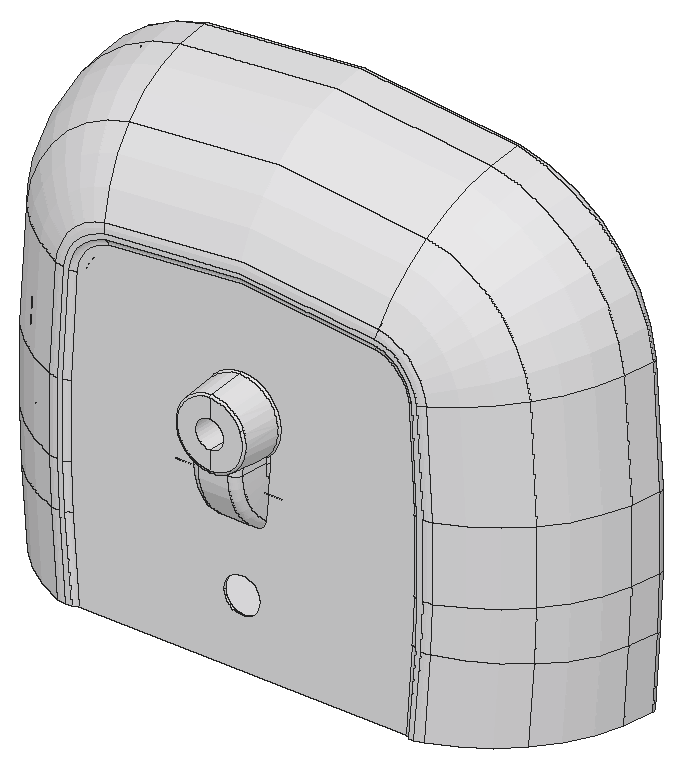
Revit family "Sink-Wall_Mount-Lavatory-KOHLER-REACH-18564W", category Plumbing Fixtures, host Face, Revit 2017
Family settings
  Host = Face
  Round Connector Dimension = Use Diameter
  Part Type = Normal
  OmniClass Number = 23.31.13.00
  Cut with Voids When Loaded = No
  Shared = No
  Room Calculation Point = No
Parameters (values of type "0-White")
  Width = 22 133/256"  # constant formula
  WaterSense Certified = 1 = 0  # no
  Waste Water Outlet = "Waste Water Outlet"  # constant formula
  Waste Connection = 1 = 1  # yes
  Vent Connection = 1 = 0  # no
  URL = "https://www.kohler.co.uk/"
  Type = 1
  Product Page URL = ""
  Product Name = "REACH"  # constant formula
  Product Documentation Link = ""
  Model = "18564W-0"  # constant formula
  Material = "Vitreous china"  # constant formula
  Master Format 2014 Name = "Residential Lavatories and Sinks"  # constant formula
  Master Format 2014 = "22 41 16"  # constant formula
  Manufacturer Address = "Cromwell Road, Cheltenham, Gloucestershire. GL52 5EP Registered in England No. 252115\r\n"  # constant formula
  Manufacturer = "KOHLER Co."  # constant formula
  Length = 17 233/256"  # constant formula
  Hot Water Inlet = "Hot Water Inlet"  # constant formula
  Height = 7 51/128"  # constant formula
  HW Connection = 1 = 0  # no
  Finish = Kohler-Vitreous_China-0-White
  Environmental Product Declaration = ""
  Drain Included = 1 = 0  # no
  Description = "WALL HUNG LAVATORY, 1 HOLE"  # constant formula
  Default Elevation = 36"
  Declare Label = ""
  Date Modified = "07/20/2021"  # constant formula
  Date Created = "07/20/2021"  # constant formula
  Copyright = "Copyright KOHLER Co."  # constant formula
  Contact Us = "https://www.kohler.co.uk/support/contact/"
  Cold Water Inlet = "Cold Water Inlet"  # constant formula
  CW Connection = 1 = 0  # no
  Assembly Code = "D2010400"
  ADA Compliant = 1 = 0  # no
Reference planes
  plane 1 "Center (Front/Back)": y = 0
  plane 2: z = 0
  plane 3 "Center (Left/Right)": x = 0
  plane 4: z = 454.918
  plane 5: z = 220
  plane 6: z = 122
  plane 7: z = 64.77
  plane 8: x = 286
  plane 9: x = 279
  plane 10: x = 212.5
  plane 11: x = -285.996
  plane 12: x = -279
  plane 13: x = -212.5
  plane 14: y = -187.92
  plane 15: y = -152.34
Dimensions and locks
  "Width": plane 11 to plane 8
  "Height": plane 1 "Center (Front/Back)" to plane 14
  "Length": plane 4 to level
  plane 1 "Center (Front/Back)" to plane 15 = 5.99764"
  plane 1 "Center (Front/Back)" to plane 14 = 7 51/128"
  plane 8 to plane 11 = 22 133/256"
  plane 9 to plane 12 = 21.9685"
  plane 10 to plane 13 = 16.73228"
  level to plane 5 = 8.66142"
  level to plane 7 = 2.55"
  aligned and locked: plane 2 to host face
  aligned and locked: level to host face
Automatic sketch dimensions
  host sketch curve to host sketch curve = 96"  (x2)
Nested families
  nested 1: "18564W" at (0, 0, 0), type "18564W"
Connectors
  piping at (0, -187.96, 220), diameter 38.1, driven by "Waste Connection", driven by "Waste Water Outlet"
    settings: on nested 1, index 1, connector inside diameter 24", connector length 0", flow factor 0, pipe flow 0 GPM, pressure drop 0.00 psi, fitting loss kfactor 0, connector angle 0.00°, fixture units 0, engagement length 0", angle of deflection 0.00°, flow configuration 0, flow direction 2, fitting loss method 0, system type 16, joint type 0, gender type 0, connector reference index -1, connector utility 1, adjustable connector no, is connector primary yes, connector description "Waste Water Outlet"
Definition of nested family "18564W"
  Parameters (values of type "18564W")
    Material = none
  Reference planes
    plane 1 "Center (Front/Back)": y = 0
    plane 2: z = 0
    plane 3 "Center (Left/Right)": x = 0
    plane 4: x = 286
    plane 5: x = -286
    plane 6: z = 220
    plane 7: z = 122
    plane 8: z = 443
    plane 9: x = 279
    plane 10: x = 212.5
    plane 11: x = -279
    plane 12: x = -212.5
    plane 13: y = -187.96
    plane 14: z = 454.914
    plane 15: z = 64.77
    plane 16: y = -152.34
  Forms (mm)
    Extrusion 1, solid, material <- "Material", detail levels medium+fine
      sketch origin (0, 0, 0) x (0, 1, 0) y (0, 0, 1)
        loop
          arc (-142.423, 241.709) -> (-140.941, 262.366) -> (-136.525, 282.601) r 144.699
          arc (-136.525, 282.601) -> (-132.329, 295.845) -> (-127.598, 308.908) r 341.786
          arc (-127.598, 308.908) -> (-73.543, 391.487) -> (9.676, 444.552) r 234.77
          line (9.676, 444.552) -> (9.676, 453.356)
          arc (9.676, 453.356) -> (-76.146, 398.03) -> (-131.929, 312.504) r 244.77
          arc (-131.929, 312.504) -> (-136.798, 299.059) -> (-141.117, 285.427) r 351.786
          arc (-141.117, 285.427) -> (-145.839, 263.794) -> (-147.423, 241.709) r 154.699
          line (-147.423, 241.709) -> (-147.423, 181.797)
          arc (-147.423, 181.797) -> (-136.895, 152.872) -> (-110.237, 137.481) r 45
          line (-110.237, 137.481) -> (9.676, 116.337) -> (9.676, 126.491) -> (-109.558, 147.516)
          arc (-109.558, 147.516) -> (-133.119, 161.118) -> (-142.423, 186.682) r 39.771
          line (-142.423, 186.682) -> (-142.423, 241.709)
      from -259.478 to 255.438
    Extrusion 2, solid, material <- "Material", detail levels medium+fine
      sketch origin (0, 0, 0) x (1, 0, 0) y (0, 1, 0)
        loop
          arc (-219.563, 9.676) -> (-147.327, -89.386) -> (-39.332, -147.423) r 276.198
          line (-39.332, -147.423) -> (39.332, -147.423)
          arc (39.332, -147.423) -> (147.327, -89.386) -> (219.563, 9.676) r 276.198
          line (219.563, 9.676) -> (214.111, 9.676)
          arc (214.111, 9.676) -> (143.483, -86.103) -> (38.651, -142.423) r 271.198
          line (38.651, -142.423) -> (-38.651, -142.423)
          arc (-38.651, -142.423) -> (-143.483, -86.103) -> (-214.111, 9.676) r 271.198
          line (-214.111, 9.676) -> (-219.563, 9.676)
      from 91.037 to 481.628
    Revolve 3, void
      sketch origin (0, 0, 0) x (0, 1, 0) y (0, 0, 1)
        loop
          line (-199.384, 220) -> (-134.668, 220) -> (-134.668, 240.811) -> (-137.423, 240.811) -> (-137.423, 239.507)
          arc (-137.423, 239.507) -> (-139.212, 235.188) -> (-143.532, 233.399) r 6.108
          line (-143.532, 233.399) -> (-199.384, 233.399) -> (-199.384, 220)
        axis (-199.384, 220) -> (-134.668, 220)
      angle from 0 to 360
    Revolve 4, solid, detail levels medium+fine
      sketch origin (0, 3.125, 0) x (0, 1, 0) y (0, 0, 1)
        loop
          line (-157.867, 220) -> (-137.815, 220)
          arc (-137.815, 220) -> (-139.238, 236.005) -> (-143.463, 251.508) r 90.715
          arc (-143.463, 251.508) -> (-144.412, 251.95) -> (-144.863, 251.004) r 0.744
          arc (-144.863, 251.004) -> (-142.874, 244.831) -> (-141.188, 238.567) r 132.868
          arc (-141.188, 238.567) -> (-141.496, 237.151) -> (-142.799, 236.518) r 1.658
          line (-142.799, 236.518) -> (-150.867, 236.518) -> (-150.867, 238.5) -> (-152.467, 238.5) -> (-152.467, 236.518) -> (-156.667, 236.518) -> (-156.667, 238.5) -> (-157.867, 238.5) -> (-157.867, 220)
        axis (-157.867, 220) -> (-137.815, 220)
      angle from 0 to 360
    Sweep 5, solid, material <- "Material", detail levels medium+fine
      path origin (0, 0, 0) x (1, 0, 0) y (0, 0, 1)
        loop
          line (212.5, 167) -> (212.5, 363.681)
          arc (212.5, 363.681) -> (198.005, 404.243) -> (161.086, 426.431) r 64
          arc (161.086, 426.431) -> (0, 442.427) -> (-161.086, 426.431) r 819.107
          arc (-161.086, 426.431) -> (-198.005, 404.243) -> (-212.5, 363.681) r 64
          line (-212.5, 363.681) -> (-212.5, 167)
          arc (-212.5, 167) -> (-199.32, 135.18) -> (-167.5, 122) r 45
          line (-167.5, 122) -> (167.5, 122)
          arc (167.5, 122) -> (199.32, 135.18) -> (212.5, 167) r 45
      profile origin (0, 0, 442.427) x (0, 0, -1) y (0, -1, 0)
        loop
          line (6.7, 2.932) -> (10.724, 9.901) -> (7.412, 9.901) -> (4.777, 5.336)
          arc (4.777, 5.336) -> (2.731, 3.291) -> (-0.064, 2.542) r 5.589
          line (-0.064, 2.542) -> (-2.344, 2.542) -> (-2.344, 0) -> (1.622, 0)
          arc (1.622, 0) -> (4.554, 0.786) -> (6.7, 2.932) r 5.865
    Sweep 6, solid, material <- "Material", detail levels medium+fine
      path origin (0, 0, 0) x (1, 0, 0) y (0, 0, 1)
        loop
          line (274.323, -54.626) -> (283.987, 70)
          arc (283.987, 70) -> (285.497, 95.981) -> (286, 122) r 672.59
          line (286, 122) -> (286, 192)
          arc (286, 192) -> (284.439, 246.705) -> (279.762, 301.232) r 959.446
          arc (279.762, 301.232) -> (237.682, 392.283) -> (149.667, 440.391) r 160
          arc (149.667, 440.391) -> (-0.009, 454) -> (-149.684, 440.376) r 829.441
          arc (-149.684, 440.376) -> (-237.689, 392.264) -> (-279.763, 301.218) r 160
          arc (-279.763, 301.218) -> (-284.44, 246.698) -> (-286, 192) r 959.446
          line (-286, 192) -> (-286, 122)
          arc (-286, 122) -> (-285.497, 95.981) -> (-283.987, 70) r 672.59
          line (-283.987, 70) -> (-274.323, -54.626)
      profile origin (-0.009, 0, 454) x (0.000048, 0, -1) y (0, -1, 0)
        loop
          arc (3.072, 36.381) -> (0.569, 21.635) -> (-0.894, 6.749) r 213.214
          arc (-0.894, 6.749) -> (0.814, 2.003) -> (5.443, 0) r 6.35
          line (5.443, 0) -> (8.002, 0) -> (8.002, 5.533)
          arc (8.002, 5.533) -> (17.221, 56.456) -> (44.16, 100.643) r 141.283
          arc (44.16, 100.643) -> (72.225, 125.219) -> (105.325, 142.423) r 155.901
          line (105.325, 142.423) -> (128.862, 142.423) -> (128.862, 149.252) -> (121.335, 149.252)
          arc (121.335, 149.252) -> (118.44, 149.948) -> (116.178, 151.884) r 6.368
          line (116.178, 151.884) -> (111.185, 151.884)
          arc (111.185, 151.884) -> (106.676, 151.467) -> (102.32, 150.23) r 24.583
          arc (102.32, 150.23) -> (67.651, 131.895) -> (38.207, 105.988) r 167.196
          arc (38.207, 105.988) -> (16.015, 73.519) -> (3.072, 36.381) r 149.283
    Extrusion 7, solid, material <- "Material", detail levels medium+fine
      sketch origin (0, 0, 0) x (1, 0, 0) y (0, 0, 1)
        loop
          arc (276.009, 70.619) -> (277.501, 96.29) -> (277.998, 122) r 664.588
          line (277.998, 122) -> (277.998, 192)
          arc (277.998, 192) -> (276.451, 246.249) -> (271.812, 300.321) r 951.445
          arc (271.812, 300.321) -> (231.836, 386.818) -> (148.223, 432.52) r 151.998
          arc (148.223, 432.52) -> (-0.009, 445.998) -> (-148.239, 432.506) r 821.439
          arc (-148.239, 432.506) -> (-231.844, 386.8) -> (-271.814, 300.307) r 151.998
          arc (-271.814, 300.307) -> (-276.451, 246.242) -> (-277.998, 192) r 951.445
          line (-277.998, 192) -> (-277.998, 122)
          arc (-277.998, 122) -> (-277.501, 96.29) -> (-276.009, 70.619) r 664.588
          line (-276.009, 70.619) -> (-269.824, -9.142) -> (269.824, -9.142) -> (276.009, 70.619)
        loop
          arc (212.844, 363.681) -> (198.271, 404.46) -> (161.154, 426.768) r 64.344
          arc (161.154, 426.768) -> (0, 442.771) -> (-161.154, 426.768) r 819.45
          arc (-161.154, 426.768) -> (-198.271, 404.46) -> (-212.844, 363.681) r 64.344
          line (-212.844, 363.681) -> (-212.844, 167)
          arc (-212.844, 167) -> (-199.563, 134.937) -> (-167.5, 121.656) r 45.344
          line (-167.5, 121.656) -> (167.5, 121.656)
          arc (167.5, 121.656) -> (199.563, 134.937) -> (212.844, 167) r 45.344
          line (212.844, 167) -> (212.844, 363.681)
      from 0 to 5.533
    Sweep 8, void
      path origin (0, 0, 0) x (1, 0, 0) y (0, 0, 1)
        loop
          line (277.802, -9.761) -> (283.987, 70)
          arc (283.987, 70) -> (285.497, 95.981) -> (286, 122) r 672.59
          line (286, 122) -> (286, 192)
          arc (286, 192) -> (284.439, 246.705) -> (279.762, 301.232) r 959.446
          arc (279.762, 301.232) -> (237.682, 392.283) -> (149.667, 440.391) r 160
          arc (149.667, 440.391) -> (-0.009, 454) -> (-149.684, 440.376) r 829.441
          arc (-149.684, 440.376) -> (-237.689, 392.264) -> (-279.763, 301.218) r 160
          arc (-279.763, 301.218) -> (-284.44, 246.698) -> (-286, 192) r 959.446
          line (-286, 192) -> (-286, 122)
          arc (-286, 122) -> (-285.497, 95.981) -> (-283.987, 70) r 672.59
          line (-283.987, 70) -> (-277.802, -9.761)
      profile origin (-0.009, 0, 454) x (0.000048, 0, -1) y (0, -1, 0)
        loop
          arc (6.125, 5.149) -> (47.893, 108.327) -> (148.36, 156.251) r 153.701
          line (148.36, 156.251) -> (148.36, 172.906) -> (-65.125, 172.906) -> (-65.125, -12.094) -> (6.125, -12.094) -> (6.125, 5.149)
    Extrusion 9, void
      sketch origin (0, 0, 0) x (0, 1, 0) y (0, 0, 1)
        loop
          line (-5.149, 79.438) -> (13.923, 79.438) -> (13.923, 449.438) -> (-5.149, 449.438) -> (-5.149, 79.438)
      from -314.871 to 349.22
    Revolve 10, solid, material <- "Material", detail levels medium+fine
      sketch origin (0, 0, 0) x (0, 1, 0) y (0, 0, 1)
        loop
          line (-187.96, 220) -> (-149.967, 220) -> (-149.967, 257.216)
          arc (-149.967, 257.216) -> (-151.122, 256.577) -> (-152.408, 256.28) r 4.748
          line (-152.408, 256.28) -> (-186.17, 253.327)
          arc (-186.17, 253.327) -> (-187.445, 252.698) -> (-187.96, 251.373) r 1.961
          line (-187.96, 251.373) -> (-187.96, 220)
        axis (-187.96, 220) -> (-149.967, 220)
      angle from 0 to 360
    Extrusion 11, solid, material <- "Material", detail levels medium+fine
      sketch origin (0, 0, 0) x (1, 0, 0) y (0, 0, 1)
        loop
          line (-146.921, -43.74) -> (146.921, -43.74) -> (156.508, 79.885)
          arc (156.508, 79.885) -> (157.73, 100.927) -> (158.138, 122) r 544.728
          line (158.138, 122) -> (158.138, 192)
          arc (158.138, 192) -> (156.785, 239.415) -> (152.731, 286.675) r 831.585
          arc (152.731, 286.675) -> (144.279, 304.964) -> (126.6, 314.627) r 32.138
          arc (126.6, 314.627) -> (-0.003, 326.138) -> (-126.604, 314.615) r 701.579
          arc (-126.604, 314.615) -> (-144.281, 304.951) -> (-152.733, 286.663) r 32.138
          arc (-152.733, 286.663) -> (-156.786, 239.408) -> (-158.138, 192) r 831.585
          line (-158.138, 192) -> (-158.138, 122)
          arc (-158.138, 122) -> (-157.73, 100.927) -> (-156.508, 79.885) r 544.728
          line (-156.508, 79.885) -> (-146.921, -43.74)
      from 147.423 to 149.252
    Extrusion 12, void
      sketch origin (0, 0, 0) x (1, 0, 0) y (0, 0, 1)
        loop
          line (325.989, 0) -> (-354.011, 0) -> (-354.011, -100) -> (325.989, -100) -> (325.989, 0)
      from -33.578 to 250
    Extrusion 13, void
      sketch origin (0, 0, 0) x (1, 0, 0) y (0, 0, 1)
        loop
          circle (0, 64.77) r 17.5
      from -101.431 to 222.992
    Sweep 14, solid, material <- "Material", detail levels medium+fine
      path origin (0, 0, 0) x (0, 1, 0) y (0, 0, 1)
        loop
          arc (-147.423, 127.348) -> (-174.412, 152.444) -> (-184.38, 187.924) r 68.123
          line (-184.38, 187.924) -> (-184.38, 205.345)
      profile origin (0, -184.38, 196.634) x (0, -1, 0) y (1, 0, 0)
        loop
          arc (0, 14.138) -> (-2.22, 19.92) -> (-7.739, 22.732) r 8.642
          line (-7.739, 22.732) -> (-31.845, 25.266)
          arc (-31.845, 25.266) -> (-33.452, 25.656) -> (-34.899, 26.454) r 6.228
          line (-34.899, 26.454) -> (-34.899, -26.454)
          arc (-34.899, -26.454) -> (-33.452, -25.656) -> (-31.845, -25.266) r 6.228
          line (-31.845, -25.266) -> (-7.739, -22.732)
          arc (-7.739, -22.732) -> (-2.22, -19.92) -> (0, -14.138) r 8.642
          line (0, -14.138) -> (0, 14.138)
    Revolve 15, void
      sketch origin (0, 0, 0.312) x (0, 1, 0) y (0, 0, 1)
        loop
          line (-37.05, 130.357) -> (-36.026, 136.164) -> (-50.71, 138.753) -> (-51.04, 136.885) -> (-48.252, 136.393)
          arc (-48.252, 136.393) -> (-47.641, 136.004) -> (-47.484, 135.295) r 0.948
          line (-47.484, 135.295) -> (-47.664, 134.275)
          arc (-47.664, 134.275) -> (-47.33, 132.769) -> (-46.029, 131.94) r 2.015
          line (-46.029, 131.94) -> (-37.05, 130.357)
        axis (-37.05, 130.357) -> (-36.026, 136.164)
      angle from 0 to 360
    Extrusion 16, solid, material <- "Material", detail levels medium+fine
      sketch origin (0, 0, 0) x (1, 0, 0) y (0, 1, 0)
        loop
          arc (-270.534, -5.533) -> (-261.279, -56.474) -> (-234.267, -100.643) r 141.044
          arc (-234.267, -100.643) -> (-199.102, -129.728) -> (-157.037, -147.423) r 156.386
          line (-157.037, -147.423) -> (157.037, -147.423)
          arc (157.037, -147.423) -> (199.102, -129.728) -> (234.266, -100.643) r 156.386
          arc (234.266, -100.643) -> (261.279, -56.474) -> (270.534, -5.533) r 141.044
          line (270.534, -5.533) -> (-270.534, -5.533)
      from 0 to 21.868
    Revolve 17, solid, detail levels medium+fine
      sketch origin (0, 0, 0) x (0, 1, 0) y (0, 0, 1)
        loop
          line (-37.611, 126.513) -> (-34.164, 125.906) -> (-33.65, 128.824) -> (-32.505, 130.189) -> (-31.251, 137.302)
          arc (-31.251, 137.302) -> (-30.934, 137.8) -> (-30.357, 137.927) r 0.771
          line (-30.357, 137.927) -> (-20.314, 136.156)
          arc (-20.314, 136.156) -> (-19.957, 135.929) -> (-19.865, 135.515) r 0.554
          line (-19.865, 135.515) -> (-20.358, 132.717)
          arc (-20.358, 132.717) -> (-20.258, 132.265) -> (-19.868, 132.016) r 0.605
          line (-19.868, 132.016) -> (-18.954, 131.855)
          arc (-18.954, 131.855) -> (-18.543, 131.946) -> (-18.316, 132.302) r 0.551
          line (-18.316, 132.302) -> (-17.571, 136.527)
          arc (-17.571, 136.527) -> (-17.647, 136.92) -> (-17.967, 137.161) r 0.559
          arc (-17.967, 137.161) -> (-26.455, 139.335) -> (-35.053, 141.023) r 154.375
          line (-35.053, 141.023) -> (-37.611, 126.513)
        axis (-35.053, 141.023) -> (-37.611, 126.513)
      angle from 0 to 360
    Extrusion 18, solid, material <- "Material", detail levels coarse
      sketch origin (0, -466.182, 0) x (1, 0, 0) y (0, 0, 1)
        loop
          line (286, 0) -> (286, 284)
          arc (286, 284) -> (236.208, 404.208) -> (116, 454) r 170
          line (116, 454) -> (-116, 454)
          arc (-116, 454) -> (-236.208, 404.208) -> (-286, 284) r 170
          line (-286, 284) -> (-286, 0) -> (286, 0)
      from -466.182 to -311.439
    Extrusion 19, void
      sketch origin (0, 0, 0) x (1, 0, 0) y (0, 0, 1)
        loop
          line (132.5, 404.418) -> (-132.5, 404.418)
          arc (-132.5, 404.418) -> (-189.069, 380.986) -> (-212.5, 324.418) r 80
          line (-212.5, 324.418) -> (-212.5, 165.656)
          arc (-212.5, 165.656) -> (-199.481, 134.225) -> (-168.05, 121.206) r 44.45
          line (-168.05, 121.206) -> (168.05, 121.206)
          arc (168.05, 121.206) -> (199.481, 134.225) -> (212.5, 165.656) r 44.45
          line (212.5, 165.656) -> (212.5, 324.418)
          arc (212.5, 324.418) -> (189.069, 380.986) -> (132.5, 404.418) r 80
      from -24.175 to 125.895
    Revolve 20, solid, material <- "Material", detail levels coarse
      sketch origin (0, 0, 0) x (0, 1, 0) y (0, 0, 1)
        loop
          line (-187.96, 220) -> (-129.483, 220) -> (-129.483, 256.351) -> (-187.96, 256.351) -> (-187.96, 220)
        axis (-129.483, 220) -> (-187.96, 220)
      angle from 0 to 360
  Cuts and joins
    Revolve 3, Sweep 8, Extrusion 9, Revolve 15 cuts Extrusion 1
    Revolve 3, Sweep 8, Extrusion 9 cuts Extrusion 2
    joined: Extrusion 1, Extrusion 2
    Revolve 3, Extrusion 13 cuts Sweep 5
    Revolve 3, Extrusion 12, Extrusion 13 cuts Sweep 6
    Revolve 3, Extrusion 12, Extrusion 13 cuts Extrusion 7
    Revolve 3, Extrusion 13 cuts Revolve 10
    Revolve 3, Extrusion 12, Extrusion 13 cuts Extrusion 11
    joined: Sweep 5, Sweep 6, Extrusion 7, Revolve 10, Extrusion 11, Sweep 14, Extrusion 16
    Extrusion 19 cuts Extrusion 18
    joined: Extrusion 18, Revolve 20
  Lines and regions (mm)
    Masking region 1
      outline origin (0, 0, 0) x (1, 0, 0) y (0, 1, 0)
        loop
          line (-206.228, -151.956) -> (-36.277, -151.956) -> (-33.345, -185.467)
          arc (-33.345, -185.467) -> (-32.47, -187.242) -> (-30.625, -187.96) r 2.731
          line (-30.625, -187.96) -> (31.194, -187.96)
          arc (31.194, -187.96) -> (32.619, -187.406) -> (33.296, -186.034) r 2.11
          line (33.296, -186.034) -> (36.277, -151.956) -> (206.228, -151.956)
          arc (206.228, -151.956) -> (213.31, -151.232) -> (220.099, -149.09) r 35
          arc (220.099, -149.09) -> (247.969, -129.858) -> (266.347, -101.418) r 86.704
          arc (266.347, -101.418) -> (280.321, -54.654) -> (286.007, -6.18) r 281.504
          arc (286.007, -6.18) -> (284.316, -1.821) -> (280.01, 0) r 6
          line (280.01, 0) -> (-280.032, 0)
          arc (-280.032, 0) -> (-284.322, -1.815) -> (-286.008, -6.157) r 5.978
          arc (-286.008, -6.157) -> (-280.323, -54.643) -> (-266.347, -101.418) r 281.504
          arc (-266.347, -101.418) -> (-247.969, -129.858) -> (-220.099, -149.09) r 86.704
          arc (-220.099, -149.09) -> (-213.31, -151.232) -> (-206.228, -151.956) r 35
    Masking region 2
      outline origin (0, 0, 0) x (1, 0, 0) y (0, 0, 1)
        loop
          arc (-286, 121.968) -> (-285.497, 95.948) -> (-283.987, 69.968) r 672.59
          line (-283.987, 69.968) -> (-278.919, 4.613)
          arc (-278.919, 4.613) -> (-277.33, 1.33) -> (-273.934, 0) r 5
          line (-273.934, 0) -> (273.934, 0)
          arc (273.934, 0) -> (277.33, 1.33) -> (278.919, 4.613) r 5
          line (278.919, 4.613) -> (283.987, 69.968)
          arc (283.987, 69.968) -> (285.497, 95.948) -> (286, 121.968) r 672.59
          line (286, 121.968) -> (286, 192.914)
          arc (286, 192.914) -> (284.44, 247.612) -> (279.763, 302.132) r 959.446
          arc (279.763, 302.132) -> (237.689, 393.178) -> (149.684, 441.29) r 160
          arc (149.684, 441.29) -> (0.009, 454.914) -> (-149.667, 441.305) r 829.441
          arc (-149.667, 441.305) -> (-237.682, 393.197) -> (-279.762, 302.146) r 160
          arc (-279.762, 302.146) -> (-284.439, 247.619) -> (-286, 192.914) r 959.446
          line (-286, 192.914) -> (-286, 121.968)
    Masking region 3
      outline origin (0, 0, 0) x (0, 1, 0) y (0, 0, 1)
        loop
          arc (-30.921, 452.102) -> (-71.27, 439.423) -> (-106.366, 415.821) r 147.585
          arc (-106.366, 415.821) -> (-133.541, 384.412) -> (-152.34, 347.377) r 170.978
          line (-152.34, 347.377) -> (-152.34, 256.351) -> (-185.447, 253.455)
          arc (-185.447, 253.455) -> (-187.237, 252.572) -> (-187.96, 250.713) r 2.752
          line (-187.96, 250.713) -> (-187.96, 188.306)
          arc (-187.96, 188.306) -> (-187.589, 187.038) -> (-186.594, 186.17) r 2.353
          arc (-186.594, 186.17) -> (-185.019, 184.838) -> (-184.35, 182.887) r 3.879
          arc (-184.35, 182.887) -> (-174.854, 152.647) -> (-152.34, 130.337) r 65.901
          line (-152.34, 130.337) -> (-152.34, 4.848)
          arc (-152.34, 4.848) -> (-150.92, 1.42) -> (-147.492, 0) r 4.848
          line (-147.492, 0) -> (-4.793, 0)
          arc (-4.793, 0) -> (-1.404, 1.404) -> (0, 4.793) r 4.793
          line (0, 4.793) -> (0, 448.557)
          arc (0, 448.557) -> (-2.019, 453.201) -> (-6.791, 454.892) r 6.35
          arc (-6.791, 454.892) -> (-18.888, 453.772) -> (-30.921, 452.102) r 266.662
    symbolic lines, detail levels medium+fine
      curve 1: line (0, -6.404, 0) -> (-286, -6.404, 0)
      curve 2: line (-36.277, -151.956, 0) -> (36.277, -151.956, 0)
      curve 3: line (0, -6.404, 0) -> (286, -6.404, 0)
      curve 6: line (274.853, 0, 3.923) -> (279.999, 0, 70.277)
      curve 7: arc (279.999, 0, 70.277) -> (281.5, 0, 96.103) -> (282, 0, 121.968) r 668.59
      curve 8: arc (282, 0, 191.968) -> (280.446, 0, 246.438) -> (275.789, 0, 300.73) r 955.446
      curve 9: arc (275.789, 0, 300.73) -> (234.767, 0, 389.501) -> (148.962, 0, 436.41) r 156
      curve 10: arc (148.962, 0, 436.41) -> (0.009, 0, 449.968) -> (-148.945, 0, 436.424) r 825.441
      curve 11: arc (-148.945, 0, 436.424) -> (-234.76, 0, 389.519) -> (-275.788, 0, 300.744) r 156
      curve 12: arc (-275.788, 0, 300.744) -> (-280.446, 0, 246.445) -> (-282, 0, 191.968) r 955.446
      curve 13: line (-279.999, 0, 70.277) -> (-274.853, 0, 3.923)
      curve 14: arc (-282, 0, 121.968) -> (-281.5, 0, 96.103) -> (-279.999, 0, 70.277) r 668.59
      curve 15: line (-274.853, 0, 3.923) -> (274.853, 0, 3.923)
      curve 16: line (282, 0, 191.968) -> (282, 0, 121.968)
      curve 17: line (-282, 0, 191.968) -> (-282, 0, 121.968)
      curve 26: line (204.776, 0, 167) -> (204.776, 0, 363.681)
      curve 27: arc (167.5, 0, 129.724) -> (193.858, 0, 140.642) -> (204.776, 0, 167) r 37.276
      curve 28: line (-167.5, 0, 129.724) -> (167.5, 0, 129.724)
      curve 29: arc (-204.776, 0, 167) -> (-193.858, 0, 140.642) -> (-167.5, 0, 129.724) r 37.276
      curve 30: line (-204.776, 0, 363.681) -> (-204.776, 0, 167)
      curve 31: arc (-159.567, 0, 418.858) -> (-192.031, 0, 399.347) -> (-204.776, 0, 363.681) r 56.276
      curve 32: arc (204.776, 0, 363.681) -> (192.031, 0, 399.347) -> (159.567, 0, 418.858) r 56.276
      curve 33: arc (159.567, 0, 418.858) -> (0, 0, 434.703) -> (-159.567, 0, 418.858) r 811.383
      curve 35: circle (0, 0, 220) r 22.348 normal (0, -1, 0)
      curve 36: line (0, 0, 4.787) -> (0, -152.34, 4.787)
      curve 37: arc (0, -101.756, 0) -> (0, -102.736, 2.305) -> (0, -103.071, 4.787) r 9.371
      curve 38: line (0, -6.398, 0) -> (0, -6.398, 454.907)
      curve 39: line (0, -179.529, 190.514) -> (0, -152.035, 189.073)
      curve 40: arc (0, -179.529, 190.514) -> (0, -183.41, 193.421) -> (0, -187.96, 195.1) r 16.812
      curve 41: arc (0, -179.529, 190.514) -> (0, -178.634, 187.826) -> (0, -178.26, 185.018) r 14.979
      curve 42: arc (0, -178.26, 185.018) -> (0, -170.89, 158.011) -> (0, -152.34, 137.044) r 61.68
      curve 43: arc (16.198, 0, 141.404) -> (14.109, 0, 142.064) -> (11.957, 0, 142.477) r 18.804
      curve 44: arc (17.486, 0, 140.701) -> (16.866, 0, 141.096) -> (16.198, 0, 141.404) r 5.445
      curve 45: line (18.005, 0, 135.561) -> (18.005, 0, 139.675)
      curve 46: arc (18.005, 0, 139.675) -> (17.868, 0, 140.25) -> (17.486, 0, 140.701) r 1.275
      curve 47: arc (18.005, 0, 135.561) -> (17.769, 0, 134.723) -> (17.131, 0, 134.131) r 1.607
      curve 48: arc (17.131, 0, 134.131) -> (14.826, 0, 133.207) -> (12.39, 0, 132.724) r 13.431
      curve 49: arc (-16.198, 0, 141.404) -> (-14.109, 0, 142.064) -> (-11.957, 0, 142.477) r 18.804
      curve 50: arc (-17.486, 0, 140.701) -> (-16.866, 0, 141.096) -> (-16.198, 0, 141.404) r 5.445
      curve 51: line (-18.005, 0, 135.561) -> (-18.005, 0, 139.675)
      curve 52: arc (-18.005, 0, 139.675) -> (-17.868, 0, 140.25) -> (-17.486, 0, 140.701) r 1.275
      curve 53: arc (-18.005, 0, 135.561) -> (-17.769, 0, 134.723) -> (-17.131, 0, 134.131) r 1.607
      curve 54: arc (-17.131, 0, 134.131) -> (-14.826, 0, 133.207) -> (-12.39, 0, 132.724) r 13.431
      curve 55: arc (11.957, 0, 142.477) -> (0, 0, 143.263) -> (-11.957, 0, 142.477) r 91.391
      curve 56: arc (12.39, 0, 132.724) -> (0, 0, 132.082) -> (-12.39, 0, 132.724) r 119.997
      curve 57: arc (17.476, 0, 139.409) -> (15.662, 0, 138.353) -> (13.652, 0, 137.748) r 8.949
      curve 58: arc (17.486, 0, 140.701) -> (17.801, 0, 140.053) -> (17.476, 0, 139.409) r 0.813
      curve 59: arc (-17.476, 0, 139.409) -> (-15.662, 0, 138.353) -> (-13.652, 0, 137.748) r 8.949
      curve 60: arc (-17.486, 0, 140.701) -> (-17.801, 0, 140.053) -> (-17.476, 0, 139.409) r 0.813
      curve 61: arc (13.652, 0, 137.748) -> (0, 0, 136.554) -> (-13.652, 0, 137.748) r 78.625
      curve 62: line (0, -152.34, 256.351) -> (0, -152.34, 130.337)
    symbolic lines
      curve 4: arc (17.5, 0, 64.77) -> (0, 0, 82.27) -> (-17.5, 0, 64.77) r 17.5
      curve 5: arc (-17.5, 0, 64.77) -> (0, 0, 47.27) -> (17.5, 0, 64.77) r 17.5
      curve 18: line (212.776, 0, 166.483) -> (212.776, 0, 363.681)
      curve 19: arc (167.5, 0, 121.206) -> (199.515, 0, 134.467) -> (212.776, 0, 166.483) r 45.276
      curve 20: line (-167.5, 0, 121.206) -> (167.5, 0, 121.206)
      curve 21: arc (-212.776, 0, 166.483) -> (-199.515, 0, 134.467) -> (-167.5, 0, 121.206) r 45.276
      curve 22: line (-212.776, 0, 363.681) -> (-212.776, 0, 166.483)
      curve 23: arc (-161.141, 0, 426.702) -> (-198.219, 0, 404.418) -> (-212.776, 0, 363.681) r 64.276
      curve 24: arc (161.141, 0, 426.702) -> (0, 0, 442.703) -> (-161.141, 0, 426.702) r 819.383
      curve 25: arc (212.776, 0, 363.681) -> (198.219, 0, 404.418) -> (161.141, 0, 426.702) r 64.276
      curve 34: circle (0, 0, 220) r 30 normal (0, -1, 0)
  Dimensions and locks
    plane 11 to plane 9 = 21.9685"
    plane 5 to plane 4 = 22.51969"
    level to plane 6 = 8.66142"
    plane 7 to plane 8 = 12.6378"
    plane 1 "Center (Front/Back)" to plane 13 = 7.4"
    level to plane 14 = 17.91"
    level to plane 15 = 2.55"
    plane 3 "Center (Left/Right)" to plane 5 = 11.25984"
    plane 1 "Center (Front/Back)" to plane 16 = 5.99764"
    aligned and locked: plane 2 to level
